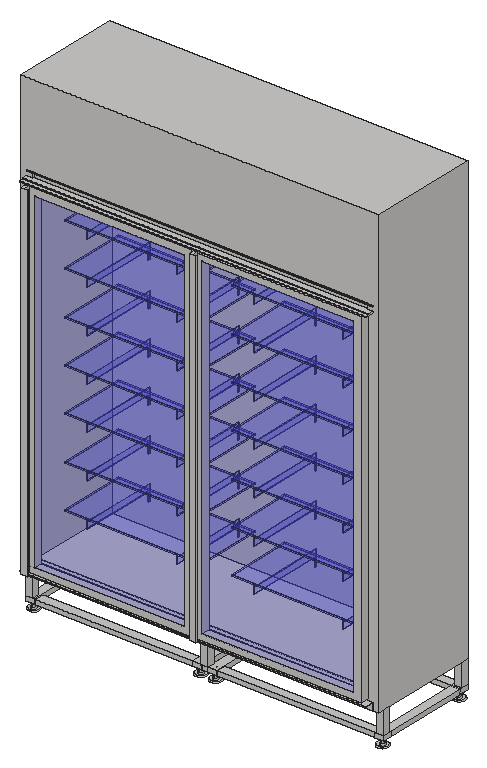
Revit family "Food-Service-Equipment_Oscartek_Muro_Gala-1552_cat", category Specialty Equipment, Revit 2026 (continued)
Automatic sketch dimensions
  Extrusion 32 sketch curve to plane 14 = 31.8599"
  Extrusion 32 sketch curve to Extrusion 32 sketch curve = 0.3497"  (x2)
  Extrusion 32 sketch curve to Extrusion 32 sketch curve = 1.1712"  (x2)
  Extrusion 32 sketch curve to Extrusion 32 sketch curve = 1.55721"  (x2)
  Extrusion 32 sketch curve to Extrusion 32 sketch curve = 13.2577"
  plane 16 to Extrusion 33 sketch curve = 2.74186"  (x2)
  plane 1 "BACK" to Extrusion 33 sketch curve = 4.5494"  (x2)
  Extrusion 33 sketch curve to plane 14 = 31.86488"
  Extrusion 33 sketch curve to Extrusion 33 sketch curve = 0.31528"  (x2)
  Extrusion 33 sketch curve to Extrusion 33 sketch curve = 14.46332"
  plane 16 to Extrusion 34 sketch curve = 2.50502"  (x2)
  Extrusion 34 sketch curve to Extrusion 34 sketch curve = 0.1885"  (x2)
  plane 1 "BACK" to Extrusion 34 sketch curve = 2.5301"  (x2)
  Extrusion 34 sketch curve to Extrusion 34 sketch curve = 0.29951"  (x2)
  Extrusion 34 sketch curve to plane 14 = 14.00319"
  Extrusion 34 sketch curve to Extrusion 34 sketch curve = 1.55721"  (x2)
  Extrusion 34 sketch curve to Extrusion 34 sketch curve = 1.1712"  (x2)
  Extrusion 34 sketch curve to Extrusion 34 sketch curve = 0.3497"  (x2)
  Extrusion 34 sketch curve to Extrusion 34 sketch curve = 12.05019"
  plane 16 to Extrusion 35 sketch curve = 2.50502"  (x3)
  Extrusion 35 sketch curve to Extrusion 35 sketch curve = 0.1885"  (x3)
  plane 8 "Center X" to Extrusion 35 sketch curve = 1.71395"  (x3)
  plane 1 "BACK" to Extrusion 35 sketch curve = 2.5301"  (x3)
  Extrusion 35 sketch curve to Extrusion 35 sketch curve = 0.29951"  (x3)
  Extrusion 35 sketch curve to plane 6 "TOP" = 29 139/256"
  Extrusion 35 sketch curve to Extrusion 35 sketch curve = 0.3497"  (x3)
  Extrusion 35 sketch curve to Extrusion 35 sketch curve = 1.16821"  (x3)
  Extrusion 35 sketch curve to Extrusion 35 sketch curve = 1.5602"  (x3)
  Extrusion 35 sketch curve to Extrusion 35 sketch curve = 13.26069"  (x2)
  plane 16 to Extrusion 36 sketch curve = 2.50502"  (x3)
  Extrusion 36 sketch curve to Extrusion 36 sketch curve = 0.1885"  (x3)
  plane 8 "Center X" to Extrusion 36 sketch curve = 1.71395"  (x3)
  plane 1 "BACK" to Extrusion 36 sketch curve = 2.5301"  (x3)
  Extrusion 36 sketch curve to Extrusion 36 sketch curve = 0.29951"  (x3)
  Extrusion 36 sketch curve to plane 14 = 14.00319"
  Extrusion 36 sketch curve to Extrusion 36 sketch curve = 1.5602"  (x3)
  Extrusion 36 sketch curve to Extrusion 36 sketch curve = 1.16821"  (x3)
  Extrusion 36 sketch curve to Extrusion 36 sketch curve = 0.3497"  (x3)
  Extrusion 36 sketch curve to Extrusion 36 sketch curve = 12.05019"  (x2)
  plane 16 to Extrusion 37 sketch curve = 1.79603"  (x7)
  plane 1 "BACK" to Extrusion 37 sketch curve = 3.87895"  (x7)
  Extrusion 37 sketch curve to plane 6 "TOP" = 22.15367"
  Extrusion 37 sketch curve to Extrusion 37 sketch curve = 0.31029"  (x7)
  Extrusion 37 sketch curve to Extrusion 37 sketch curve = 7.07901"  (x5)
  Extrusion 37 sketch curve to Extrusion 37 sketch curve = 7.0613"
  plane 16 to Extrusion 38 sketch curve = 1.55919"  (x7)
  Extrusion 38 sketch curve to Extrusion 38 sketch curve = 0.1885"  (x7)
  plane 8 "Center X" to Extrusion 38 sketch curve = 1.71395"  (x7)
  plane 1 "BACK" to Extrusion 38 sketch curve = 2.5301"  (x7)
  Extrusion 38 sketch curve to Extrusion 38 sketch curve = 0.29951"  (x7)
  Extrusion 38 sketch curve to plane 14 = 6.63161"
  Extrusion 38 sketch curve to plane 14 = 8.19181"
  Extrusion 38 sketch curve to Extrusion 38 sketch curve = 1.16821"  (x7)
  Extrusion 38 sketch curve to Extrusion 38 sketch curve = 0.3497"  (x7)
  Extrusion 38 sketch curve to Extrusion 38 sketch curve = 4.64318"
  Extrusion 38 sketch curve to Extrusion 38 sketch curve = 5.85368"
  Extrusion 38 sketch curve to Extrusion 38 sketch curve = 4.66089"  (x5)
  Extrusion 38 sketch curve to Extrusion 38 sketch curve = 5.8714"
  Extrusion 38 sketch curve to Extrusion 38 sketch curve = 1.5602"  (x4)
  radius of Split face 1 sketch curve = 1/2"
Connectors (in)
  electrical at (30.5625, 0, 77.51561), driven by "Volts", driven by "Watts"
    settings: on cut or joined group of Extrusion 13, Extrusion 14, Extrusion 15, index 1, voltage 220 V, apparent load 880 VA, apparent load phase1 0 VA, apparent load phase2 0 VA, apparent load phase3 0 VA, power factor 1, load classification "Other", number of poles 1, system type 30, power factor state 1, is connector primary yes, connector utility no, sub classification motor no, connector description "ELECTRICAL CONNECTION"
